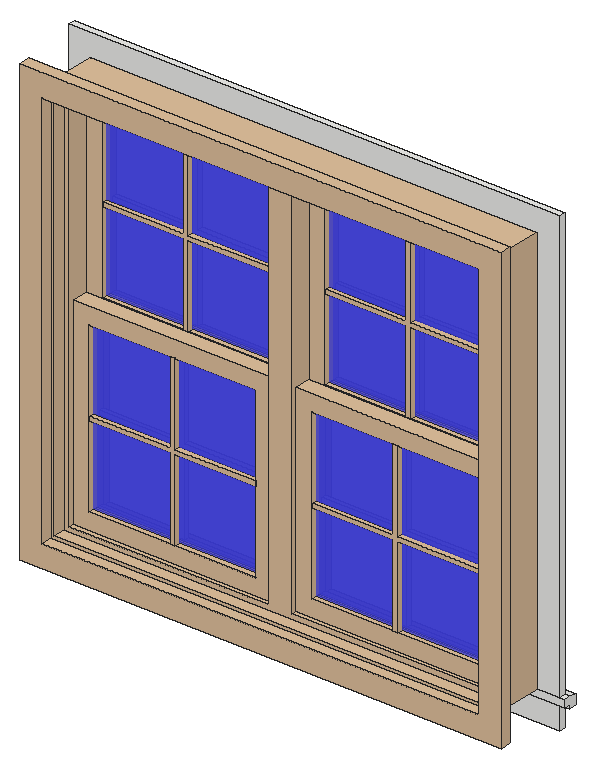
Revit family "M_Janela-dupla-suspensa-dupla", category Janelas, Revit 2019
Family settings
  Hospedeiro = Parede
  Número OmniClass = 23.30.20.17.17.14
  Título OmniClass = Double-Hung Windows
  Sempre na vertical = Sim
  Corte com vazios quando carregada = Não
  Compartilhado = Não
  Ponto de cálculo do ambiente = Não
Parameters (values of type "1200 x 1100mm")
  Espessura da parede [instance] = 150 mm
  Janela aplicada [instance] = 0 mm
  Visual Light Transmittance = 0.81
  Visibilidade do montante superior = yes
  Resistência térmica (R) = 0.319569 (m²·K)/W
  Solar Heat Gain Coefficient = 0.76
  Largura do montante = 0.5 * (Largura - 152.4 mm - 149.225 mm)  # 449.188 mm
  Padrão do montante = M_Padrão do montante_2x2 : M_Padrão do montante_2x2
  Altura do montante = 0.5 * (Altura - 152.4 mm - 44.45 mm)  # 451.575 mm
  Fechamento da parede interior [instance] = 35.7 mm
  Material da apara interior = Madeira – Manchada
  Recorte interior = M_Moldura-janela-interior-plana : Quadro
  Largura bruta = Largura + 15 mm  # 1215 mm
  Altura bruta = Altura + 15 mm  # 1115 mm
  Visibilidade do indicador [instance] = yes
  Extensão do quadro [instance] = if(Visibilidade da apara externa, Janela aplicada + 31.75 mm, 31.75 mm)  # 31.75 mm
  Classificação de incêndio = "0.5h"
  Fechamento da parede externa [instance] = 12.7 mm
  Material da apara externa = Revestimento – Branco
  Visibilidade do umbral da extensão [instance] = and(Visibilidade do recorte interior, Espessura da parede - Janela aplicada > 114.3 mm)  # yes
  Visibilidade do recorte interior [instance] = yes
  Visibilidade da apara externa [instance] = yes
  Apara externa = M_Recorte-Janela-Exterior-Plana : com peitoril
  Umbral da extensão [instance] = if(Espessura da parede - Janela aplicada > 114.3 mm, Espessura da parede - Janela aplicada - 114.3 mm, 25.4 mm)  # 35.7 mm
  ID do tipo de construção = "DG-DR"
  Coeficiente de transferência de calor (U) = 3.12929 W/(m²·K)
  Visibilidade do montante inferior = yes
  Código de montagem = "B2020100"
  Material do painel de vidro = Vidro
  Altura = 1100 mm
  Material da moldura exterior = Revestimento – Branco
  Material da moldura interior = Madeira – Manchada
  Fechamento da parede = Por hospedeiro
  Largura = 1200 mm
  Construção analítica = "Vidraça dupla – residencial"
Reference planes
  plane 1 "Centro (Frente/Trás)": y = 0
  plane 2: z = 0
  plane 3 "Centro": x = 0
  plane 4 "Esquerda": x = -600
  plane 5 "Direita": x = 600
  plane 6 "Peitoril": z = 914.4
  plane 7 "Superior": z = 2014.4
  plane 8 "Face da parede": y = 75
  plane 9: y = -75
  plane 10 "Meio": z = 1464.4
  plane 11: z = 1982.65
  plane 12: z = 946.15
  plane 13: x = 568.25
  plane 14: x = -568.25
  plane 15: x = 523.8
  plane 16: x = -523.8
  plane 17: z = 990.6
  plane 18: z = 1938.2
  plane 19 "Fechamento da parede": y = -39.3
  plane 20: z = 1998.525
  plane 21 "Face do quadro": y = 94.05
  plane 22 "Caixilho 2": y = -26.6
  plane 23 "Face do caixilho 1": y = 62.3
  plane 24 "Inset Face": y = 75
  plane 25 "Caixilho 1": y = 17.85
  plane 26 "Vidro 1": y = 40.075
  plane 27: z = 1486.625
  plane 28: z = 1442.175
  plane 29 "Vidro 2": y = -4.375
  plane 30: y = -39.3
  plane 31: x = -30.163
  plane 32: x = 30.162
  plane 33: x = 299.206
  plane 34: x = -299.206
  plane 35: z = 1712.412
  plane 36: z = 1216.387
  plane 37: x = -74.613
  plane 38: x = 74.612
  plane 39: y = -39.3
  plane 40: y = 62.3
  plane 41: y = 94.05
Forms (mm)
  Extrusion 1, solid, material "Madeira – Manchada" <- "Material da moldura interior", visible <- "Visibilidade do umbral da extensão"
    sketch origin (0, -6.35, 0) x (-1, 0, 0) y (0, 0, 1)
      loop
        line (600, 2014.4) -> (-600, 2014.4) -> (-600, 914.4) -> (600, 914.4) -> (600, 2014.4)
      loop
        line (580.95, 1995.35) -> (-580.95, 1995.35) -> (-580.95, 933.45) -> (580.95, 933.45) -> (580.95, 1995.35)
    from -68.65 to -32.95
  Sweep 2, solid, material "Madeira – Manchada" <- "Material da moldura interior"
    path origin (0, 62.3, 0) x (-1, 0, 0) y (0, 0, 1)
      loop
        line (-600, 914.4) -> (600, 914.4) -> (600, 2014.4) -> (-600, 2014.4) -> (-600, 914.4)
    profile origin (600, 62.3, 1464.4) x (1, 0, 0) y (0, 1, 0)
      loop
        line (-31.75, 31.75) -> (-31.75, -101.6) -> (0, -101.6) -> (0, 31.75) -> (-31.75, 31.75)
  Sweep 3, solid, material "Madeira – Manchada" <- "Material da moldura interior"
    path origin (0, 62.3, 0) x (-1, 0, 0) y (0, 0, 1)
      loop
        line (-568.25, 1442.175) -> (-30.162, 1442.175) -> (-30.162, 1982.65) -> (-568.25, 1982.65) -> (-568.25, 1442.175)
    profile origin (568.25, 62.3, 1712.412) x (1, 0, 0) y (0, 1, 0)
      loop
        line (0, 0) -> (-44.45, 0) -> (-44.45, -44.45) -> (0, -44.45) -> (0, 0)
  Sweep 4, solid, material "Madeira – Manchada" <- "Material da moldura interior"
    path origin (0, 17.85, 0) x (-1, 0, 0) y (0, 0, 1)
      loop
        line (-568.25, 946.15) -> (-30.162, 946.15) -> (-30.162, 1486.625) -> (-568.25, 1486.625) -> (-568.25, 946.15)
    profile origin (568.25, 17.85, 1216.387) x (1, 0, 0) y (0, 1, 0)
      loop
        line (0, 0) -> (-44.45, 0) -> (-44.45, -44.45) -> (0, -44.45) -> (0, 0)
  Extrusion 5, solid, material "Vidro" <- "Material do painel de vidro"
    sketch origin (0, 0, 914.4) x (0, -1, 0) y (1, 0, 0)
      loop
        line (-49.6, 74.612) -> (-43.25, 74.612) -> (-43.25, 523.8) -> (-49.6, 523.8) -> (-49.6, 74.612)
      loop
        line (-36.9, 523.8) -> (-36.9, 74.612) -> (-30.55, 74.612) -> (-30.55, 523.8) -> (-36.9, 523.8)
    from 572.225 to 1023.8
  Extrusion 6, solid, material "Vidro" <- "Material do painel de vidro"
    sketch origin (0, 0, 0) x (1, 0, 0) y (0, 1, 0)
      loop
        line (74.612, 5.15) -> (74.612, -1.2) -> (523.8, -1.2) -> (523.8, 5.15) -> (74.612, 5.15)
      loop
        line (523.8, -7.55) -> (74.612, -7.55) -> (74.612, -13.9) -> (523.8, -13.9) -> (523.8, -7.55)
    from 990.6 to 1442.175
  Extrusion 7, solid, material "Madeira – Manchada" <- "Material da moldura interior"
    sketch origin (0, 0, 0) x (1, 0, 0) y (0, 1, 0)
      loop
        line (-30.163, 94.05) -> (-30.163, -39.3) -> (30.162, -39.3) -> (30.162, 94.05) -> (-30.163, 94.05)
    from 946.15 to 1982.65
  Sweep 8, solid, material "Madeira – Manchada" <- "Material da moldura interior"
    path origin (0, 62.3, 0) x (1, 0, 0) y (0, 0, 1)
      loop
        line (-568.25, 1442.175) -> (-30.162, 1442.175) -> (-30.162, 1982.65) -> (-568.25, 1982.65) -> (-568.25, 1442.175)
    profile origin (-568.25, 62.3, 1712.412) x (1, 0, 0) y (0, 1, 0)
      loop
        line (0, 0) -> (0, -44.45) -> (44.45, -44.45) -> (44.45, 0) -> (0, 0)
  Sweep 9, solid, material "Madeira – Manchada" <- "Material da moldura interior"
    path origin (0, 17.85, 0) x (1, 0, 0) y (0, 0, 1)
      loop
        line (-568.25, 946.15) -> (-30.162, 946.15) -> (-30.162, 1486.625) -> (-568.25, 1486.625) -> (-568.25, 946.15)
    profile origin (-568.25, 17.85, 1216.387) x (1, 0, 0) y (0, 1, 0)
      loop
        line (0, 0) -> (0, -44.45) -> (44.45, -44.45) -> (44.45, 0) -> (0, 0)
  Extrusion 10, solid, material "Vidro" <- "Material do painel de vidro"
    sketch origin (0, 0, 914.4) x (0, -1, 0) y (1, 0, 0)
      loop
        line (-49.6, -74.612) -> (-49.6, -523.8) -> (-43.25, -523.8) -> (-43.25, -74.612) -> (-49.6, -74.612)
      loop
        line (-36.9, -523.8) -> (-30.55, -523.8) -> (-30.55, -74.612) -> (-36.9, -74.612) -> (-36.9, -523.8)
    from 572.225 to 1023.8
  Extrusion 11, solid, material "Vidro" <- "Material do painel de vidro"
    sketch origin (0, 0, 0) x (-1, 0, 0) y (0, -1, 0)
      loop
        line (74.612, -5.15) -> (523.8, -5.15) -> (523.8, 1.2) -> (74.612, 1.2) -> (74.612, -5.15)
      loop
        line (523.8, 7.55) -> (523.8, 13.9) -> (74.612, 13.9) -> (74.612, 7.55) -> (523.8, 7.55)
    from 990.6 to 1442.175
Cuts and joins
  joined: Sweep 2, Extrusion 7
Lines and regions (mm)
  Opening 1
    outline origin (-1524, -75, 0) x (1, 0, 0) y (0, 0, 1)
      loop
        line (2124, 2014.4) -> (924, 2014.4) -> (924, 914.4) -> (2124, 914.4) -> (2124, 2014.4)
  Split face 1
    outline origin (74.612, -26.6, 990.6) x (1, 0, 0) y (0, 1, 0)
      loop
        line (0, 25.4) -> (449.187, 25.4)
  Split face 2
    outline origin (523.8, -26.6, 990.6) x (0, 0, 1) y (0, 1, 0)
      loop
        line (0, 25.4) -> (451.575, 25.4)
  Split face 3
    outline origin (74.612, -26.6, 1442.175) x (0, 0, -1) y (0, 1, 0)
      loop
        line (451.575, 25.4) -> (0, 25.4)
  Split face 4
    outline origin (523.8, -26.6, 1442.175) x (0, 1, 0) y (-1, 0, 0)
      loop
        line (25.4, 0) -> (25.4, 449.187)
  Split face 5
    outline origin (74.612, 17.85, 1486.625) x (1, 0, 0) y (0, 1, 0)
      loop
        line (449.187, 19.05) -> (0, 19.05)
  Split face 6
    outline origin (74.612, 17.85, 1486.625) x (1, 0, 0) y (0, 1, 0)
      loop
        line (449.187, 25.4) -> (0, 25.4)
  Split face 7
    outline origin (523.8, 17.85, 1486.625) x (0, 0, 1) y (0, 1, 0)
      loop
        line (0, 25.4) -> (451.575, 25.4)
  Split face 8
    outline origin (74.612, 17.85, 1938.2) x (0, 0, -1) y (0, 1, 0)
      loop
        line (451.575, 25.4) -> (0, 25.4)
  Split face 9
    outline origin (523.8, 17.85, 1938.2) x (0, 1, 0) y (-1, 0, 0)
      loop
        line (25.4, 0) -> (25.4, 449.187)
  Split face 10
    outline origin (-74.613, 17.85, 990.6) x (-1, 0, 0) y (0, -1, 0)
      loop
        line (0, 19.05) -> (449.188, 19.05)
  Split face 11
    outline origin (-523.8, 17.85, 990.6) x (0, 0, 1) y (0, -1, 0)
      loop
        line (0, 19.05) -> (451.575, 19.05)
  Split face 12
    outline origin (-74.613, 17.85, 1442.175) x (0, 0, -1) y (0, -1, 0)
      loop
        line (451.575, 19.05) -> (0, 19.05)
  Split face 13
    outline origin (-523.8, 17.85, 1442.175) x (0, -1, 0) y (1, 0, 0)
      loop
        line (19.05, 0) -> (19.05, 449.188)
  Split face 14
    outline origin (-74.613, 62.3, 1486.625) x (-1, 0, 0) y (0, -1, 0)
      loop
        line (449.188, 25.4) -> (0, 25.4)
  Split face 15
    outline origin (-74.613, 62.3, 1486.625) x (-1, 0, 0) y (0, -1, 0)
      loop
        line (449.188, 19.05) -> (0, 19.05)
  Split face 16
    outline origin (-523.8, 62.3, 1486.625) x (0, 0, 1) y (0, -1, 0)
      loop
        line (0, 19.05) -> (451.575, 19.05)
  Split face 17
    outline origin (-74.613, 62.3, 1938.2) x (0, 0, -1) y (0, -1, 0)
      loop
        line (451.575, 19.05) -> (0, 19.05)
  Split face 18
    outline origin (-523.8, 62.3, 1938.2) x (0, -1, 0) y (1, 0, 0)
      loop
        line (19.05, 0) -> (19.05, 449.188)
  Split face 19
    outline origin (568.25, -39.3, 946.15) x (0, 0, 1) y (0, 1, 0)
      loop
        line (1036.5, 101.6) -> (496.025, 101.6) -> (496.025, 57.15) -> (0, 57.15)
  Split face 20
    outline origin (-30.163, 94.05, 1982.65) x (0, 0, -1) y (0, -1, 0)
      loop
        line (0, 31.75) -> (540.475, 31.75) -> (540.475, 76.2) -> (1036.5, 76.2)
  Split face 21
    outline origin (30.162, -39.3, 1982.65) x (0, 0, -1) y (0, 1, 0)
      loop
        line (0, 101.6) -> (540.475, 101.6) -> (540.475, 57.15) -> (1036.5, 57.15)
  Split face 22
    outline origin (-568.25, -39.3, 1982.65) x (0, 0, -1) y (0, 1, 0)
      loop
        line (0, 101.6) -> (540.475, 101.6) -> (540.475, 57.15) -> (1036.5, 57.15)
  Split face 23
    outline origin (-568.25, -39.3, 946.15) x (1, 0, 0) y (0, 1, 0)
      loop
        line (1136.5, 57.15) -> (598.412, 57.15)
      loop
        line (0, 57.15) -> (538.087, 57.15)
  Split face 24
    outline origin (568.25, -39.3, 1982.65) x (0, 1, 0) y (-1, 0, 0)
      loop
        line (101.6, 0) -> (101.6, 538.087)
      loop
        line (101.6, 598.412) -> (101.6, 1136.5)
Text (mm)
  text "EXTERIOR" at (-1490.695, 772.553, 0), in view "Nível de referência"
  text "INTERIOR" at (-1490.695, -719.509, 0), in view "Nível de referência"
  text "Exterior" at (0, 1108.87, 3415.022), in view "Esquerda"
  text "Exterior" at (0, 464.664, 3176.206), in view "Direita"
Dimensions and locks
  equal spacing: plane 4 "Esquerda", plane 3 "Centro", plane 5 "Direita"
  "Largura": plane 4 "Esquerda" to plane 5 "Direita"
  equal spacing: plane 6 "Peitoril", plane 10 "Meio", plane 7 "Superior"
  "Altura": plane 7 "Superior" to plane 6 "Peitoril"
  locked: plane 5 "Direita" to plane 13 at 31.75
  locked: plane 14 to plane 4 "Esquerda" at 31.75
  locked: plane 11 to plane 7 "Superior" at 31.75
  locked: plane 6 "Peitoril" to plane 12 at 31.75
  locked: plane 15 to plane 13 at 44.45
  locked: plane 14 to plane 16 at 44.45
  locked: plane 18 to plane 11 at 44.45
  locked: plane 12 to plane 17 at 44.45
  "Espessura da parede": host wall to host wall
  locked: plane 7 "Superior" to plane 20 at 15.875
  locked: plane 21 "Face do quadro" to plane 8 "Face da parede" at 19.05
  locked: plane 23 "Face do caixilho 1" to plane 25 "Caixilho 1" at 44.45
  locked: plane 25 "Caixilho 1" to plane 22 "Caixilho 2" at 44.45
  equal spacing: plane 23 "Face do caixilho 1", plane 26 "Vidro 1", plane 25 "Caixilho 1"
  equal spacing: plane 28, plane 10 "Meio", plane 27
  locked: plane 28 to plane 27 at 44.45
  locked: Extrusion 5 sketch curve to Extrusion 5 sketch curve at 6.35  (x3)
  equal spacing: Extrusion 5 sketch curve, plane 26 "Vidro 1", Extrusion 5 sketch curve
  equal spacing: plane 25 "Caixilho 1", plane 29 "Vidro 2", plane 22 "Caixilho 2"
  locked: Extrusion 6 sketch curve to Extrusion 6 sketch curve at 6.35  (x3)
  equal spacing: Extrusion 6 sketch curve, plane 29 "Vidro 2", Extrusion 6 sketch curve
  locked: plane 22 "Caixilho 2" to plane 30 at 12.7
  "Umbral da extensão": plane 19 "Fechamento da parede" to host wall
  equal spacing: plane 31, plane 3 "Centro", plane 32
  locked: plane 31 to plane 32 at 60.325
  locked: Extrusion 10 sketch curve to Extrusion 10 sketch curve at 6.35  (x2)
  Extrusion 10 sketch curve to Extrusion 10 sketch curve = 6.35 mm
  locked: Extrusion 11 sketch curve to Extrusion 11 sketch curve at 6.35  (x3)
  Extrusion 11 sketch curve to Extrusion 11 sketch curve = 6.35 mm
  equal spacing: Extrusion 10 sketch curve, plane 26 "Vidro 1", Extrusion 10 sketch curve
  equal spacing: Extrusion 11 sketch curve, plane 29 "Vidro 2", Split face 13
  locked: Extrusion 1 sketch curve to plane 7 "Superior" at 19.05
  locked: Extrusion 1 sketch curve to plane 5 "Direita" at 19.05
  locked: plane 6 "Peitoril" to Extrusion 1 sketch curve at 19.05
  locked: plane 4 "Esquerda" to Extrusion 1 sketch curve at 19.05
  "Janela aplicada": plane 8 "Face da parede" to plane 24 "Inset Face"
  locked: plane 24 "Inset Face" to plane 23 "Face do caixilho 1" at 12.7
  equal spacing: plane 13, plane 33, plane 32
  equal spacing: plane 31, plane 34, plane 14
  equal spacing: plane 17, plane 36, plane 28
  equal spacing: plane 27, plane 35, plane 18
  locked: plane 31 to plane 37 at 44.45
  locked: plane 38 to plane 32 at 44.45
  "Fechamento da parede interior": plane 39 to plane 9
  "Fechamento da parede externa": plane 8 "Face da parede" to plane 40
  "Extensão do quadro": plane 41 to plane 23 "Face do caixilho 1"
  aligned and locked: plane 9 to host wall
  aligned and locked: host wall to plane 8 "Face da parede"
  aligned and locked: Opening 1 sketch curve to plane 4 "Esquerda"
  aligned and locked: Opening 1 sketch curve to plane 7 "Superior"
  aligned and locked: plane 5 "Direita" to Opening 1 sketch curve
  aligned and locked: Opening 1 sketch curve to plane 6 "Peitoril"
  aligned and locked: Extrusion 1 sketch curve to plane 7 "Superior"
  aligned and locked: Extrusion 1 sketch curve to plane 4 "Esquerda"
  aligned and locked: plane 5 "Direita" to Extrusion 1 sketch curve
  aligned and locked: Extrusion 1 sketch curve to plane 6 "Peitoril"
  aligned and locked: Extrusion 1 to plane 19 "Fechamento da parede"
  aligned and locked: Sweep 2 sketch curve to host wall  (x3)
  aligned and locked: plane 5 "Direita" to Sweep 2 sketch curve
  aligned and locked: plane 13 to Sweep 2 sketch curve
  aligned and locked: Sweep 3 sketch curve to plane 13
  aligned and locked: Sweep 3 sketch curve to plane 11
  aligned and locked: Sweep 3 sketch curve to plane 25 "Caixilho 1"
  aligned and locked: plane 28 to Sweep 3 sketch curve
  aligned and locked: Sweep 4 sketch curve to plane 27
  aligned and locked: Sweep 4 sketch curve to plane 13
  aligned and locked: plane 12 to Sweep 4 sketch curve
  aligned and locked: profile plane to Sweep 4 sketch curve
  aligned and locked: Sweep 4 sketch curve to profile plane
  aligned and locked: Sweep 4 sketch curve to plane 22 "Caixilho 2"
  aligned and locked: plane 15 to Sweep 4 sketch curve
  aligned and locked: plane 18 to Extrusion 5
  aligned and locked: plane 15 to Extrusion 6 sketch curve
  aligned and locked: Extrusion 6 sketch curve to plane 15
  aligned and locked: plane 17 to Extrusion 6
  aligned and locked: plane 28 to Extrusion 6
  aligned and locked: Extrusion 6 to Split face 1 sketch curve
  aligned and locked: Split face 2 sketch curve to Extrusion 6
  aligned and locked: Split face 3 sketch curve to Extrusion 6
  aligned and locked: Split face 4 sketch curve to Extrusion 6
  aligned and locked: plane 15 to Sweep 3 sketch curve
  aligned and locked: Extrusion 5 to plane 27
  aligned and locked: plane 15 to Extrusion 5 sketch curve
  aligned and locked: Extrusion 5 sketch curve to plane 15
  aligned and locked: Split face 6 sketch curve to Extrusion 5
  aligned and locked: Split face 7 sketch curve to Extrusion 5
  aligned and locked: Split face 8 sketch curve to Extrusion 5
  aligned and locked: Split face 9 sketch curve to Extrusion 5
  aligned and locked: Sweep 2 sketch curve to plane 30
  aligned and locked: Extrusion 1 to plane 9
  aligned and locked: nested 1 to plane 26 "Vidro 1"
  aligned and locked: nested 2 to plane 29 "Vidro 2"
  aligned and locked: nested 3 to plane 8 "Face da parede"
  aligned and locked: nested 3 to plane 4 "Esquerda"
  aligned and locked: nested 3 to plane 5 "Direita"
  aligned and locked: Extrusion 7 sketch curve to plane 31
  aligned and locked: plane 32 to Extrusion 7 sketch curve
  aligned and locked: plane 32 to Sweep 3 sketch curve
  aligned and locked: plane 32 to Sweep 4 sketch curve
  aligned and locked: Sweep 9 sketch curve to profile plane
  aligned and locked: Sweep 8 sketch curve to plane 28
  aligned and locked: plane 31 to Sweep 8 sketch curve
  aligned and locked: plane 11 to Sweep 8 sketch curve
  aligned and locked: Sweep 8 sketch curve to plane 14
  aligned and locked: plane 16 to Sweep 8 sketch curve
  aligned and locked: plane 14 to Sweep 8 sketch curve
  aligned and locked: Sweep 8 sketch curve to plane 23 "Face do caixilho 1"
  aligned and locked: plane 25 "Caixilho 1" to Sweep 8 sketch curve
  aligned and locked: plane 31 to Sweep 9 sketch curve
  aligned and locked: Sweep 9 sketch curve to plane 14
  aligned and locked: Sweep 9 sketch curve to plane 12
  aligned and locked: plane 27 to Sweep 9 sketch curve
  aligned and locked: plane 16 to Sweep 9 sketch curve
  aligned and locked: Sweep 9 sketch curve to Sweep 8
  aligned and locked: plane 22 "Caixilho 2" to Sweep 9 sketch curve
  aligned and locked: plane 16 to Extrusion 10 sketch curve
  aligned and locked: Extrusion 10 sketch curve to plane 16
  aligned and locked: plane 16 to Extrusion 11 sketch curve
  aligned and locked: Extrusion 11 sketch curve to plane 16
  aligned and locked: plane 26 "Vidro 1" to nested 4
  aligned and locked: plane 29 "Vidro 2" to nested 5
  aligned and locked: Extrusion 10 to plane 18
  aligned and locked: Extrusion 10 to plane 27
  aligned and locked: plane 17 to Extrusion 11
  aligned and locked: plane 28 to Extrusion 11
  aligned and locked: Extrusion 7 sketch curve to plane 30
  aligned and locked: Extrusion 10 sketch curve to Sweep 8
  aligned and locked: Sweep 8 to Extrusion 10 sketch curve
  aligned and locked: Sweep 3 to Extrusion 5 sketch curve
  aligned and locked: Extrusion 5 sketch curve to Sweep 3
  aligned and locked: Sweep 4 to Extrusion 6 sketch curve
  aligned and locked: Extrusion 6 sketch curve to Sweep 4
  aligned and locked: Extrusion 11 sketch curve to Sweep 9
  aligned and locked: Sweep 9 to Extrusion 11 sketch curve
  aligned and locked: plane 11 to cut or joined group of Sweep 2, Extrusion 7
  aligned and locked: cut or joined group of Sweep 2, Extrusion 7 to plane 12
  aligned and locked: plane 23 "Face do caixilho 1" to Split face 19 sketch curve
  aligned and locked: Split face 19 sketch curve to plane 28
  aligned and locked: plane 25 "Caixilho 1" to Split face 19 sketch curve
  aligned and locked: plane 25 "Caixilho 1" to Split face 20 sketch curve
  aligned and locked: Split face 20 sketch curve to plane 28
  aligned and locked: plane 23 "Face do caixilho 1" to Split face 20 sketch curve
  aligned and locked: Split face 21 sketch curve to plane 25 "Caixilho 1"
  aligned and locked: plane 28 to Split face 21 sketch curve
  aligned and locked: Split face 21 sketch curve to plane 23 "Face do caixilho 1"
  aligned and locked: Split face 22 sketch curve to plane 25 "Caixilho 1"
  aligned and locked: plane 28 to Split face 22 sketch curve
  aligned and locked: Split face 22 sketch curve to plane 23 "Face do caixilho 1"
  aligned and locked: Split face 23 sketch curve to plane 25 "Caixilho 1"  (x2)
  aligned and locked: plane 23 "Face do caixilho 1" to Split face 24 sketch curve
  aligned and locked: Split face 24 sketch curve to plane 23 "Face do caixilho 1"
  aligned and locked: plane 33 to nested 6
  aligned and locked: plane 36 to nested 6
  aligned and locked: plane 34 to nested 7
  aligned and locked: plane 36 to nested 7
  aligned and locked: plane 33 to nested 8
  aligned and locked: plane 34 to nested 9
  aligned and locked: nested 8 to plane 35
  aligned and locked: nested 9 to plane 35
  aligned and locked: nested 3 to plane 7 "Superior"
  aligned and locked: nested 4 to plane 27
  aligned and locked: plane 27 to nested 1
  aligned and locked: plane 17 to nested 5
  aligned and locked: nested 2 to plane 17
  aligned and locked: nested 5 to plane 28
  aligned and locked: plane 28 to nested 2
  aligned and locked: nested 5 to plane 16
  aligned and locked: plane 37 to nested 5
  aligned and locked: nested 2 to plane 15
  aligned and locked: plane 38 to nested 2
  aligned and locked: nested 4 to plane 18
  aligned and locked: plane 18 to nested 1
  aligned and locked: plane 37 to nested 4
  aligned and locked: nested 4 to plane 16
  aligned and locked: plane 38 to nested 1
  aligned and locked: nested 1 to plane 15
  aligned and locked: nested 11 to plane 7 "Superior"
  aligned and locked: plane 3 "Centro" to nested 11
  aligned and locked: nested 10 to plane 7 "Superior"
  aligned and locked: nested 10 to plane 3 "Centro"
  aligned and locked: Sweep 2 sketch curve to plane 41
  aligned and locked: plane 41 to Extrusion 7 sketch curve
Automatic sketch dimensions
  Sweep 3 sketch curve to profile plane = 0 mm
  plane 23 "Face do caixilho 1" to Sweep 3 sketch curve = 0 mm
  Split face 1 sketch curve to Sweep 4 = 0 mm  (x2)
  Split face 2 sketch curve to Sweep 4 = 0 mm
  Sweep 4 to Split face 2 sketch curve = 0 mm
  Sweep 4 to Split face 3 sketch curve = 0 mm
  Split face 3 sketch curve to Sweep 4 = 0 mm
  Split face 4 sketch curve to Sweep 4 = 0 mm  (x2)
  Split face 5 sketch curve to Sweep 3 = 0 mm  (x2)
  Split face 5 sketch curve to Sweep 3 = 19.05 mm
  Split face 6 sketch curve to Sweep 3 = 0 mm  (x2)
  Split face 7 sketch curve to Sweep 3 = 0 mm
  Sweep 3 to Split face 7 sketch curve = 0 mm
  Sweep 3 to Split face 8 sketch curve = 0 mm
  Split face 8 sketch curve to Sweep 3 = 0 mm
  Split face 9 sketch curve to Sweep 3 = 0 mm  (x2)
  Split face 10 sketch curve to Sweep 9 = 0 mm  (x2)
  Split face 10 sketch curve to Sweep 9 = 19.05 mm
  Split face 11 sketch curve to Sweep 9 = 0 mm
  Sweep 9 to Split face 11 sketch curve = 0 mm
  Split face 11 sketch curve to Sweep 9 = 19.05 mm
  Sweep 9 to Split face 12 sketch curve = 0 mm
  Split face 12 sketch curve to Sweep 9 = 0 mm
  Split face 12 sketch curve to Sweep 9 = 19.05 mm
  Split face 13 sketch curve to Sweep 9 = 0 mm  (x2)
  Split face 13 sketch curve to Sweep 9 = 19.05 mm
  Split face 14 sketch curve to Sweep 8 = 0 mm  (x2)
  Split face 14 sketch curve to Sweep 8 = 19.05 mm
  Split face 15 sketch curve to Sweep 8 = 0 mm  (x2)
  Split face 15 sketch curve to Sweep 8 = 19.05 mm
  Split face 16 sketch curve to Sweep 8 = 0 mm
  Sweep 8 to Split face 16 sketch curve = 0 mm
  Split face 16 sketch curve to Sweep 8 = 19.05 mm
  Sweep 8 to Split face 17 sketch curve = 0 mm
  Split face 17 sketch curve to Sweep 8 = 0 mm
  Split face 17 sketch curve to Sweep 8 = 19.05 mm
  Split face 18 sketch curve to Sweep 8 = 0 mm  (x2)
  Split face 18 sketch curve to Sweep 8 = 19.05 mm
  Extrusion 10 sketch curve to plane 26 "Vidro 1" = 3.175 mm
  Split face 19 sketch curve to cut or joined group of Sweep 2, Extrusion 7 = 0 mm
  cut or joined group of Sweep 2, Extrusion 7 to Split face 19 sketch curve = 0 mm
  cut or joined group of Sweep 2, Extrusion 7 to Split face 20 sketch curve = 0 mm
  Split face 20 sketch curve to cut or joined group of Sweep 2, Extrusion 7 = 0 mm
  cut or joined group of Sweep 2, Extrusion 7 to Split face 21 sketch curve = 0 mm
  Split face 21 sketch curve to cut or joined group of Sweep 2, Extrusion 7 = 0 mm
  cut or joined group of Sweep 2, Extrusion 7 to Split face 22 sketch curve = 0 mm
  Split face 22 sketch curve to cut or joined group of Sweep 2, Extrusion 7 = 0 mm
  Split face 23 sketch curve to cut or joined group of Sweep 2, Extrusion 7 = 0 mm  (x4)
  Split face 24 sketch curve to cut or joined group of Sweep 2, Extrusion 7 = 0 mm  (x4)
  Sweep 2 sketch curve to plane 7 "Superior" = 0 mm
Nested families
  nested 1: "M_Padrão do montante_2x2" at (299.206, 40.075, 1486.625), Material externo <- "Material da moldura exterior", Material interior <- "Material da moldura interior", type <- "Padrão do montante", visible <- "Visibilidade do montante superior", type "M_Padrão do montante_2x2"
    with Largura 449.187 mm, Material interior Madeira – Manchada, Altura 451.575 mm, Material externo Revestimento – Branco
  nested 2: "M_Padrão do montante_2x2" at (299.206, -4.375, 990.6), Material externo <- "Material da moldura exterior", Material interior <- "Material da moldura interior", type <- "Padrão do montante", visible <- "Visibilidade do montante inferior", type "M_Padrão do montante_2x2"
    with Largura 449.187 mm, Material interior Madeira – Manchada, Altura 451.575 mm, Material externo Revestimento – Branco
  nested 3: "M_Plano-duplo-suspenso-duplo" at (0, 75, 914.4), Janela aplicada <- "Janela aplicada", Largura <- "Largura", Altura <- "Altura", Espessura da parede <- "Espessura da parede", type "M_Plano-duplo-suspenso-duplo"
    with Janela aplicada de 3D 0 mm, Janela aplicada 0 mm, Largura 1200 mm, Espessura da parede 150 mm, Altura 1100 mm
  nested 4: "M_Padrão do montante_2x2" at (-299.206, 40.075, 1486.625) x (-1, 0, 0) z (0, 0, 1), Material externo <- "Material da moldura exterior", Material interior <- "Material da moldura interior", type <- "Padrão do montante", visible <- "Visibilidade do montante superior", type "M_Padrão do montante_2x2"
    with Largura 449.188 mm, Material interior Madeira – Manchada, Altura 451.575 mm, Material externo Revestimento – Branco
  nested 5: "M_Padrão do montante_2x2" at (-299.206, -4.375, 990.6) x (-1, 0, 0) z (0, 0, 1), Material externo <- "Material da moldura exterior", Material interior <- "Material da moldura interior", type <- "Padrão do montante", visible <- "Visibilidade do montante inferior", type "M_Padrão do montante_2x2"
    with Largura 449.188 mm, Material interior Madeira – Manchada, Altura 451.575 mm, Material externo Revestimento – Branco
  nested 6: "M_Seta preenchida" at (299.206, 17.85, 1216.387) x (0, 0, 1) z (0, 1, 0), visible <- "Visibilidade do indicador", type "M_Seta preenchida"
  nested 7: "M_Seta preenchida" at (-299.206, 17.85, 1216.387) x (0, 0, 1) z (0, 1, 0), visible <- "Visibilidade do indicador", type "M_Seta preenchida"
  nested 8: "M_Seta preenchida" at (299.206, 17.85, 1712.412) x (0, 0, -1) z (0, 1, 0), visible <- "Visibilidade do indicador", type "M_Seta preenchida"
  nested 9: "M_Seta preenchida" at (-299.206, 17.85, 1712.412) x (0, 0, -1) z (0, 1, 0), visible <- "Visibilidade do indicador", type "M_Seta preenchida"
  nested 10: "M_Recorte-Janela-Exterior-Plana" at (0, 75, 2014.4) x (-1, 0, 0) z (0, 1, 0), visible <- "Visibilidade da apara externa", Material da apara <- "Material da apara externa", Largura da abertura <- "Largura", Altura da abertura <- "Altura", type <- "Apara externa", type "com peitoril"
    with Material da apara Revestimento – Branco, Largura da abertura 1200 mm, Altura da abertura 1100 mm
  nested 11: "M_Moldura-janela-interior-plana" at (0, -75, 2014.4) x (1, 0, 0) z (0, -1, 0), visible <- "Visibilidade do recorte interior", Material da apara <- "Material da apara interior", Largura da abertura <- "Largura", Altura da abertura <- "Altura", type <- "Recorte interior", type "Quadro"
    with Material da apara Madeira – Manchada, Largura da abertura 1200 mm, Altura da abertura 1100 mm
Definition of nested family "M_Padrão do montante_2x2"
  Parameters (values of type "M_Padrão do montante_2x2")
    Largura [instance] = 1200 mm
    Espessura = 12.7 mm
    Altura [instance] = 1200 mm
    Material interior [instance] = none
    Material externo [instance] = none
    Distância = 19.05 mm
  Reference planes
    plane 1 "Centro (Frente/Trás)": y = 0
    plane 2: z = 0
    plane 3 "Centro (Esquerda/Direita)": x = 0
    plane 4: z = 1200
    plane 5: x = -600
    plane 6: x = 600
    plane 7: z = 600
    plane 8: y = 9.525
    plane 9: y = 22.225
    plane 10: y = -9.525
    plane 11: y = -22.225
  Forms (mm)
    Extrusion 1, solid, material <- "Material interior", detail levels fine
      sketch origin (0, 0, 0) x (1, 0, 0) y (0, 0, 1)
        loop
          line (-600, 606.35) -> (-600, 593.65) -> (-6.35, 593.65) -> (-6.35, 0) -> (6.35, 0) -> (6.35, 593.65) -> (600, 593.65) -> (600, 606.35) -> (6.35, 606.35) -> (6.35, 1200) -> (-6.35, 1200) -> (-6.35, 606.35) -> (-600, 606.35)
      from 9.525 to 22.225
    Extrusion 2, solid, material <- "Material externo", detail levels fine
      sketch origin (0, 0, 0) x (1, 0, 0) y (0, 0, -1)
        loop
          line (-600, -606.35) -> (-6.35, -606.35) -> (-6.35, -1200) -> (6.35, -1200) -> (6.35, -606.35) -> (600, -606.35) -> (600, -593.65) -> (6.35, -593.65) -> (6.35, 0) -> (-6.35, 0) -> (-6.35, -593.65) -> (-600, -593.65) -> (-600, -606.35)
      from 9.525 to 22.225
  Lines and regions (mm)
    model lines, detail levels medium
      curve 1: line (0, 9.525, 1200) -> (0, 9.525, 0)
      curve 2: line (-600, -9.525, 600) -> (600, -9.525, 600)
      curve 3: line (-600, 9.525, 600) -> (600, 9.525, 600)
      curve 4: line (0, -9.525, 1200) -> (0, -9.525, 0)
  Dimensions and locks
    equal spacing: plane 6, plane 3 "Centro (Esquerda/Direita)", plane 5
    "Largura": plane 6 to plane 5
    "Altura": plane 4 to plane 2
    equal spacing: plane 4, plane 7, plane 2
    locked: plane 3 "Centro (Esquerda/Direita)" to Extrusion 1 sketch curve at 6.35  (x4)
    locked: Extrusion 1 sketch curve to plane 7 at 6.35  (x2)
    locked: plane 7 to Extrusion 1 sketch curve at 6.35  (x2)
    "Espessura": plane 9 to plane 8
    "Espessura": plane 10 to plane 11
    "Distância": plane 8 to plane 10
    equal spacing: plane 8, plane 1 "Centro (Frente/Trás)", plane 10
    aligned and locked: plane 2 to level
    aligned and locked: plane 4 to curve 1
    aligned and locked: plane 5 to curve 2
    aligned and locked: plane 2 to curve 1
    aligned and locked: plane 6 to curve 2
    aligned and locked: Extrusion 1 sketch curve to plane 4
    aligned and locked: Extrusion 1 sketch curve to plane 6
    aligned and locked: Extrusion 1 sketch curve to plane 5
    aligned and locked: Extrusion 1 sketch curve to level
    aligned and locked: Extrusion 1 to plane 11
    aligned and locked: plane 10 to Extrusion 1
    aligned and locked: Extrusion 2 to plane 5
    aligned and locked: plane 6 to Extrusion 2
    aligned and locked: Extrusion 2 to plane 8
    aligned and locked: plane 9 to Extrusion 2
    aligned and locked: Extrusion 2 to plane 2
    aligned and locked: plane 4 to Extrusion 2
    aligned and locked: plane 5 to curve 3
    aligned and locked: plane 6 to curve 3
    aligned and locked: plane 4 to curve 4
    aligned and locked: plane 2 to curve 4
    aligned and locked: plane 8 to curve 3
  Automatic sketch dimensions
    curve 2 to plane 7 = 0 mm
    Extrusion 2 sketch curve to plane 5 = 0 mm
    Extrusion 2 sketch curve to level = 0 mm
    Extrusion 2 sketch curve to plane 4 = 0 mm
    Extrusion 2 sketch curve to plane 6 = 0 mm
    Extrusion 2 sketch curve to plane 3 "Centro (Esquerda/Direita)" = 6.35 mm  (x2)
    plane 3 "Centro (Esquerda/Direita)" to Extrusion 2 sketch curve = 6.35 mm  (x2)
    plane 7 to Extrusion 2 sketch curve = 6.35 mm  (x2)
    Extrusion 2 sketch curve to plane 7 = 6.35 mm  (x2)
    curve 4 to plane 3 "Centro (Esquerda/Direita)" = 0 mm
    curve 4 to level = 0 mm
    curve 4 to plane 4 = 0 mm
    curve 3 to plane 6 = 0 mm
    curve 1 to plane 3 "Centro (Esquerda/Direita)" = 0 mm
    curve 3 to plane 5 = 0 mm
    curve 3 to plane 7 = 0 mm
Definition of nested family "M_Recorte-Janela-Exterior-Plana"
  Parameters (values of type "com peitoril")
    Largura da apara = 60 mm
    Espessura da apara_Quadro = 30 mm
    Espessura da apara_com peitoril = 19.05 mm
    Material da apara [instance] = none
    Espessura do peitoril = 30 mm
    Peitoril = yes
    Quadro = no
    Largura da abertura [instance] = 600 mm
    Altura da abertura [instance] = 900 mm
    Default Elevation = 1200 mm
  Types (2, lengths in mm): name | Peitoril | Quadro
    com peitoril | yes | no
    Quadro | no | yes
  Reference planes
    plane 1 "Centro (Frente/Trás)": y = 0
    plane 2: z = 0
    plane 3 "Centro (Esquerda/Direita)": x = 0
    plane 4: y = 60
    plane 5 "Esquerda": x = -300
    plane 6 "Direita": x = 300
    plane 7 "Inferior": y = -900
    plane 8: y = -930
    plane 9: y = -980.432
    plane 10: x = 360
    plane 11: x = -360
    plane 12: z = 19.05
    plane 13: z = 30
    plane 14: x = 372.7
    plane 15: x = -372.7
    plane 16: y = -920.432
    plane 17: y = -960
    plane 18: z = 12.7
    plane 19: y = -450
    plane 20: z = 38.1
  Forms (mm)
    Extrusion 1, solid
      sketch origin (0, 0, 0) x (1, 0, 0) y (0, 1, 0)
        loop
          line (-361.95, 57.15) -> (-361.95, -993.732) -> (361.95, -993.732) -> (361.95, 57.15) -> (-361.95, 57.15)
      from 0 to -304.8
    Extrusion 2, solid, material <- "Material da apara", visible <- "Peitoril"
      sketch origin (0, 0, 0) x (1, 0, 0) y (0, 1, 0)
        loop
          line (-360, -900) -> (-300, -900) -> (-300, 0) -> (300, 0) -> (300, -900) -> (360, -900) -> (360, 60) -> (-360, 60) -> (-360, -900)
      from 0 to 19.05
    Extrusion 3, solid, material <- "Material da apara", visible <- "Peitoril"
      sketch origin (0, 0, 0) x (0, 1, 0) y (0, 0, 1)
        loop
          line (-902.458, 38.1) -> (-930, 38.1) -> (-930, 19.05) -> (-920.432, 19.05) -> (-920.432, 0) -> (-900, 0) -> (-900, 19.05) -> (-902.458, 38.1)
      from -372.7 to 372.7
    Extrusion 4, solid, material <- "Material da apara", visible <- "Peitoril"
      sketch origin (0, 0, 0) x (1, 0, 0) y (0, 1, 0)
        loop
          line (-360, -920.432) -> (-360, -980.432) -> (360, -980.432) -> (360, -920.432) -> (-360, -920.432)
      from 0 to 19.05
    Extrusion 5, solid, material <- "Material da apara", visible <- "Quadro"
      sketch origin (0, 0, 0) x (1, 0, 0) y (0, 1, 0)
        loop
          line (-300, 0) -> (-300, -900) -> (300, -900) -> (300, 0) -> (-300, 0)
        loop
          line (-360, 60) -> (-360, -960) -> (360, -960) -> (360, 60) -> (-360, 60)
      from 0 to 30
  Dimensions and locks
    equal spacing: plane 5 "Esquerda", plane 3 "Centro (Esquerda/Direita)", plane 6 "Direita"
    "Largura da abertura": plane 5 "Esquerda" to plane 6 "Direita"
    "Altura da abertura": plane 7 "Inferior" to plane 1 "Centro (Frente/Trás)"
    "Espessura do peitoril": plane 7 "Inferior" to plane 8
    "Largura da apara": plane 11 to plane 5 "Esquerda"
    "Largura da apara": plane 6 "Direita" to plane 10
    "Largura da apara": plane 1 "Centro (Frente/Trás)" to plane 4
    locked: plane 15 to plane 11 at 12.7
    locked: plane 10 to plane 14 at 12.7
    locked: plane 16 to plane 8 at 9.568
    "Largura da apara": plane 9 to plane 16
    "Largura da apara": plane 17 to plane 7 "Inferior"
    locked: plane 18 to plane 2 at 12.7
    equal spacing: plane 7 "Inferior", plane 19, plane 1 "Centro (Frente/Trás)"
    locked: plane 20 to plane 12 at 19.05
    "Espessura da apara_com peitoril": plane 12 to plane 2
    "Espessura da apara_Quadro": plane 13 to plane 2
    aligned and locked: plane 2 to Extrusion 1
    aligned and locked: level to Extrusion 1
    aligned and locked: Extrusion 2 sketch curve to plane 5 "Esquerda"
    aligned and locked: Extrusion 2 sketch curve to plane 11
    aligned and locked: plane 7 "Inferior" to Extrusion 2 sketch curve  (x2)
    aligned and locked: plane 1 "Centro (Frente/Trás)" to Extrusion 2 sketch curve
    aligned and locked: plane 10 to Extrusion 2 sketch curve
    aligned and locked: Extrusion 2 sketch curve to plane 6 "Direita"
    aligned and locked: plane 12 to Extrusion 2
    aligned and locked: Extrusion 3 sketch curve to level
    aligned and locked: plane 7 "Inferior" to Extrusion 3 sketch curve
    aligned and locked: Extrusion 3 sketch curve to plane 8
    aligned and locked: plane 15 to Extrusion 3
    aligned and locked: Extrusion 3 to plane 14
    aligned and locked: plane 10 to Extrusion 4 sketch curve
    aligned and locked: Extrusion 4 sketch curve to plane 11
    aligned and locked: plane 16 to Extrusion 4 sketch curve
    aligned and locked: plane 9 to Extrusion 4 sketch curve
    aligned and locked: Extrusion 4 to Extrusion 2
    aligned and locked: Extrusion 2 sketch curve to plane 4
    aligned and locked: plane 1 "Centro (Frente/Trás)" to Extrusion 5 sketch curve
    aligned and locked: Extrusion 5 sketch curve to plane 4
    aligned and locked: Extrusion 5 sketch curve to plane 17
    aligned and locked: plane 7 "Inferior" to Extrusion 5 sketch curve
    aligned and locked: Extrusion 5 sketch curve to plane 6 "Direita"
    aligned and locked: plane 10 to Extrusion 5 sketch curve
    aligned and locked: Extrusion 5 sketch curve to plane 5 "Esquerda"
    aligned and locked: Extrusion 5 sketch curve to plane 11
    aligned and locked: plane 13 to Extrusion 5
    aligned and locked: plane 20 to Extrusion 3
  Automatic sketch dimensions
    Extrusion 1 sketch curve to Extrusion 1 sketch curve = 723.9 mm
    Extrusion 1 sketch curve to Extrusion 1 sketch curve = 1050.882 mm
    Extrusion 3 sketch curve to plane 16 = 0 mm
    Extrusion 3 sketch curve to plane 12 = 0 mm  (x2)
    Extrusion 3 sketch curve to plane 7 "Inferior" = 2.458 mm
    plane 13 to Extrusion 3 sketch curve = 8.1 mm
Definition of nested family "M_Moldura-janela-interior-plana"
  Parameters (values of type "com peitoril")
    Espessura da apara_Quadro = 30 mm
    Largura da apara = 60 mm
    Espessura da apara_com peitoril = 20 mm
    Material da apara [instance] = none
    Espessura do peitoril = 30 mm
    Peitoril = yes
    Quadro = no
    Largura da abertura [instance] = 600 mm
    Altura da abertura [instance] = 900 mm
    Default Elevation = 1200 mm
  Types (2, lengths in mm): name | Peitoril | Quadro
    com peitoril | yes | no
    Quadro | no | yes
  Reference planes
    plane 1 "Centro (Frente/Trás)": y = 0
    plane 2: z = 0
    plane 3 "Centro (Esquerda/Direita)": x = 0
    plane 4: y = 47.3
    plane 5 "Esquerda": x = -300
    plane 6 "Direita": x = 300
    plane 7 "Inferior": y = -900
    plane 8: y = -930
    plane 9: y = -980.432
    plane 10: x = 347.3
    plane 11: x = -347.3
    plane 12: z = 20
    plane 13: z = 30
    plane 14: x = 360
    plane 15: x = -360
    plane 16: y = -920.432
    plane 17: y = -947.3
    plane 18: z = 12.7
    plane 19: x = -287.3
    plane 20: y = -12.7
    plane 21: x = 287.3
    plane 22: y = -887.3
    plane 23: x = -334.6
    plane 24: x = 334.6
    plane 25: y = -450
  Forms (mm)
    Extrusion 1, solid
      sketch origin (0, 0, 0) x (1, 0, 0) y (0, 1, 0)
        loop
          line (-349.25, 44.45) -> (-349.25, -958.85) -> (349.25, -958.85) -> (349.25, 44.45) -> (-349.25, 44.45)
      from 0 to -304.8
    Extrusion 2, solid, material <- "Material da apara", visible <- "Peitoril"
      sketch origin (0, 0, 0) x (1, 0, 0) y (0, 1, 0)
        loop
          line (-334.6, -900) -> (-287.3, -900) -> (-287.3, 0) -> (287.3, 0) -> (287.3, -900) -> (334.6, -900) -> (334.6, 47.3) -> (-334.6, 47.3) -> (-334.6, -900)
      from 0 to 20
    Extrusion 3, solid, material <- "Material da apara", visible <- "Peitoril"
      sketch origin (0, 0, 0) x (0, 1, 0) y (0, 0, 1)
        loop
          line (-912.7, 39.05) -> (-920.432, 39.05) -> (-920.432, 0) -> (-900, 0) -> (-900, 26.35)
          arc (-900, 26.35) -> (-903.72, 35.33) -> (-912.7, 39.05) r 12.7
      from -347.3 to 347.3
    Extrusion 4, solid, material <- "Material da apara", visible <- "Peitoril"
      sketch origin (0, 0, 0) x (1, 0, 0) y (0, 1, 0)
        loop
          line (-334.6, -920.432) -> (-334.6, -980.432) -> (334.6, -980.432) -> (334.6, -920.432) -> (-334.6, -920.432)
      from 0 to 20
    Extrusion 5, solid, material <- "Material da apara", visible <- "Quadro"
      sketch origin (0, 0, 0) x (1, 0, 0) y (0, 1, 0)
        loop
          line (-287.3, -12.7) -> (-287.3, -887.3) -> (287.3, -887.3) -> (287.3, -12.7) -> (-287.3, -12.7)
        loop
          line (-347.3, 47.3) -> (-347.3, -947.3) -> (347.3, -947.3) -> (347.3, 47.3) -> (-347.3, 47.3)
      from 0 to 30
  Dimensions and locks
    equal spacing: plane 5 "Esquerda", plane 3 "Centro (Esquerda/Direita)", plane 6 "Direita"
    "Largura da abertura": plane 5 "Esquerda" to plane 6 "Direita"
    "Altura da abertura": plane 7 "Inferior" to plane 1 "Centro (Frente/Trás)"
    "Espessura do peitoril": plane 7 "Inferior" to plane 8
    "Largura da apara": plane 11 to plane 19
    "Largura da apara": plane 21 to plane 10
    "Largura da apara": plane 20 to plane 4
    "Espessura da apara_com peitoril": plane 12 to plane 2
    locked: plane 15 to plane 11 at 12.7
    locked: plane 10 to plane 14 at 12.7
    locked: plane 16 to plane 8 at 9.568
    "Largura da apara": plane 9 to plane 16
    "Largura da apara": plane 17 to plane 22
    plane 20 to plane 1 "Centro (Frente/Trás)" = 12.7 mm
    plane 5 "Esquerda" to plane 19 = 12.7 mm
    plane 21 to plane 6 "Direita" = 12.7 mm
    plane 22 to plane 7 "Inferior" = 12.7 mm
    locked: plane 11 to plane 23 at 12.7
    locked: plane 24 to plane 10 at 12.7
    equal spacing: plane 7 "Inferior", plane 25, plane 1 "Centro (Frente/Trás)"
    "Espessura da apara_Quadro": plane 13 to plane 2
    locked: Extrusion 3 to plane 12 at 19.05
    locked: plane 12 to Extrusion 3 sketch curve at 19.05
    radius of Extrusion 3 sketch curve = 12.7 mm
    aligned and locked: plane 2 to Extrusion 1
    aligned and locked: level to Extrusion 1
    aligned and locked: plane 7 "Inferior" to Extrusion 2 sketch curve  (x2)
    aligned and locked: plane 1 "Centro (Frente/Trás)" to Extrusion 2 sketch curve
    aligned and locked: plane 12 to Extrusion 2
    aligned and locked: Extrusion 3 sketch curve to level
    aligned and locked: plane 7 "Inferior" to Extrusion 3 sketch curve
    aligned and locked: plane 16 to Extrusion 4 sketch curve
    aligned and locked: plane 9 to Extrusion 4 sketch curve
    aligned and locked: Extrusion 2 sketch curve to plane 4
    aligned and locked: Extrusion 5 sketch curve to plane 4
    aligned and locked: Extrusion 5 sketch curve to plane 17
    aligned and locked: plane 10 to Extrusion 5 sketch curve
    aligned and locked: Extrusion 5 sketch curve to plane 11
    aligned and locked: plane 13 to Extrusion 5
    aligned and locked: Extrusion 5 sketch curve to plane 20
    aligned and locked: Extrusion 5 sketch curve to plane 19
    aligned and locked: Extrusion 5 sketch curve to plane 21
    aligned and locked: plane 22 to Extrusion 5 sketch curve
    aligned and locked: Extrusion 4 to plane 24
    aligned and locked: plane 11 to Extrusion 3
    aligned and locked: Extrusion 3 to plane 10
    aligned and locked: Extrusion 2 sketch curve to plane 21
    aligned and locked: Extrusion 2 sketch curve to plane 24
    aligned and locked: Extrusion 2 sketch curve to plane 19
    aligned and locked: Extrusion 2 sketch curve to plane 23
    aligned and locked: plane 12 to Extrusion 4
  Automatic sketch dimensions
    Extrusion 1 sketch curve to Extrusion 1 sketch curve = 698.5 mm
    Extrusion 1 sketch curve to Extrusion 1 sketch curve = 1003.3 mm
    Extrusion 3 sketch curve to plane 16 = 0 mm
    Extrusion 4 sketch curve to plane 11 = 12.7 mm
    Extrusion 4 sketch curve to plane 24 = 0 mm
Definition of nested family "M_Plano-duplo-suspenso-duplo"
  Parameters (values of type "M_Plano-duplo-suspenso-duplo")
    Janela aplicada [instance] = 0 mm
    Janela aplicada de 3D [instance] = if(Janela aplicada - 12.7 mm < 0 mm, 0 mm, if(Janela aplicada - 12.7 mm < Espessura da parede - 88.9 mm, Janela aplicada - 12.7 mm, Espessura da parede - 88.9 mm))  # 0 mm
    Width [instance] = 1200 mm
    Espessura da parede [instance] = 150 mm
    Height [instance] = 900 mm
    Default Elevation = 1200 mm
    Analytic Construction = "<Nenhum>"
  Reference planes
    plane 1 "Centro (Frente/Trás)": y = 0
    plane 2: z = 0
    plane 3 "Centro (Esquerda/Direita)": x = 0
    plane 4: x = -600
    plane 5: x = 600
    plane 6 "Umbral": y = -88.9
    plane 7: x = -568.25
    plane 8: y = 0
    plane 9: y = -44.45
    plane 10: y = -22.225
    plane 11: x = -523.8
    plane 12: x = 568.25
    plane 13: x = 523.8
    plane 14 "Janela aplicada": y = -12.7
    plane 15 "Parede": y = -150
    plane 16: z = 900
    plane 17: z = 868.25
    plane 18: z = 31.75
    plane 19: z = 823.8
    plane 20: z = 76.2
    plane 21: z = 450
    plane 22: z = 427.775
    plane 23: z = 472.225
    plane 24: y = -66.675
    plane 25: x = -30.162
    plane 26: x = 30.163
  Lines and regions (mm)
    Masking region 1
      outline origin (0, 19.05, 0) x (1, 0, 0) y (0, 1, 0)
        loop
          line (-600, -169.05) -> (600, -169.05) -> (600, -19.05) -> (-600, -19.05) -> (-600, -169.05)
    Masking region 2
      outline origin (0, 0, 0) x (0, 1, 0) y (0, 0, 1)
        loop
          line (-150, 900) -> (-150, 0) -> (0, 0) -> (0, 900) -> (-150, 900)
    symbolic lines
      curve 1: line (-568.25, -44.45, 0) -> (-523.8, -44.45, 0)
      curve 2: line (-568.25, 0, 0) -> (-568.25, -88.9, 0)
      curve 3: line (-600, 0, 0) -> (-523.8, 0, 0)
      curve 4: line (-523.8, 0, 0) -> (-523.8, -44.45, 0)
      curve 5: line (-523.8, -22.225, 0) -> (-30.162, -22.225, 0)
      curve 6: line (568.25, -44.45, 0) -> (523.8, -44.45, 0)
      curve 7: line (568.25, 0, 0) -> (568.25, -88.9, 0)
      curve 8: line (523.8, 0, 0) -> (523.8, -44.45, 0)
      curve 9: line (-600, -88.9, 0) -> (-568.25, -88.9, 0)
      curve 10: line (568.25, -88.9, 0) -> (600, -88.9, 0)
      curve 11: line (0, 0, 868.25) -> (0, -88.9, 868.25)
      curve 12: line (0, -88.9, 0) -> (0, -88.9, 76.2)
      curve 13: line (0, 0, 31.75) -> (0, -88.9, 31.75)
      curve 14: line (0, 0, 900) -> (0, 0, 823.8)
      curve 15: line (0, 0, 823.8) -> (0, -44.45, 823.8)
      curve 16: line (0, -88.9, 76.2) -> (0, -44.45, 76.2)
      curve 17: line (0, -22.225, 472.225) -> (0, -22.225, 823.8)
      curve 18: line (0, -44.45, 868.25) -> (0, -44.45, 823.8)
      curve 19: line (523.8, 0, 0) -> (600, 0, 0)
      curve 20: line (0, -88.9, 868.25) -> (0, -88.9, 900)
      curve 21: line (0, 0, 31.75) -> (0, 0, 0)
      curve 22: line (0, -44.45, 76.2) -> (0, -44.45, 31.75)
      curve 23: line (0, -88.9, 472.225) -> (0, 0, 472.225)
      curve 24: line (0, -88.9, 427.775) -> (0, -88.9, 472.225)
      curve 25: line (0, 0, 427.775) -> (0, -88.9, 427.775)
      curve 26: line (0, 0, 472.225) -> (0, 0, 427.775)
      curve 27: line (0, -44.45, 472.225) -> (0, -44.45, 427.775)
      curve 28: line (0, -66.675, 427.775) -> (0, -66.675, 76.2)
      curve 29: line (-30.162, 0, 0) -> (30.163, 0, 0)
      curve 30: line (-30.162, -44.45, 0) -> (-30.162, 0, 0)
      curve 31: line (30.163, -44.45, 0) -> (-30.162, -44.45, 0)
      curve 32: line (30.163, 0, 0) -> (30.163, -44.45, 0)
      curve 33: line (30.163, -22.225, 0) -> (523.8, -22.225, 0)
      curve 34: line (-523.8, 0, 0) -> (-30.162, 0, 0)
      curve 35: line (30.163, 0, 0) -> (523.8, 0, 0)
      curve 36: line (568.25, -88.9, 0) -> (-568.25, -88.9, 0)
      curve 37: line (0, 0, 823.8) -> (0, 0, 472.225)
      curve 38: line (0, 0, 427.775) -> (0, 0, 31.75)
      curve 39: line (0, -88.9, 868.25) -> (0, -88.9, 472.225)
      curve 40: line (0, -88.9, 427.775) -> (0, -88.9, 76.2)
  Dimensions and locks
    "Width": plane 4 to plane 5
    equal spacing: plane 4, plane 3 "Centro (Esquerda/Direita)", plane 5
    locked: plane 4 to plane 7 at 31.75
    equal spacing: plane 8, plane 10, plane 9
    locked: plane 5 to plane 12 at 31.75
    locked: plane 8 to plane 14 "Janela aplicada" at 12.7
    locked: plane 8 to plane 9 at 44.45
    "Espessura da parede": plane 15 "Parede" to plane 1 "Centro (Frente/Trás)"
    "Height": plane 16 to plane 2
    locked: plane 16 to plane 17 at 31.75
    locked: plane 18 to plane 2 at 31.75
    locked: plane 9 to plane 6 "Umbral" at 44.45
    "Janela aplicada de 3D": plane 8 to plane 1 "Centro (Frente/Trás)"
    locked: plane 7 to plane 11 at 44.45
    locked: plane 13 to plane 12 at 44.45
    locked: plane 17 to plane 19 at 44.45
    locked: plane 20 to plane 18 at 44.45
    equal spacing: plane 19, plane 21, plane 20
    equal spacing: plane 23, plane 21, plane 22
    locked: plane 23 to plane 22 at 44.45
    equal spacing: plane 6 "Umbral", plane 24, plane 9
    plane 25 to plane 3 "Centro (Esquerda/Direita)" to plane 26 = 30.162 mm locked, 30.163 mm locked
    aligned and locked: plane 2 to level
    aligned and locked: curve 1 to plane 9
    aligned and locked: plane 4 to Masking region 1 sketch curve
    aligned and locked: Masking region 1 sketch curve to plane 5
    aligned and locked: Masking region 1 sketch curve to plane 15 "Parede"
    aligned and locked: curve 9 to plane 6 "Umbral"
    aligned and locked: curve 10 to plane 6 "Umbral"
    aligned and locked: plane 1 "Centro (Frente/Trás)" to Masking region 1 sketch curve
    aligned and locked: Masking region 2 sketch curve to plane 16
    aligned and locked: plane 15 "Parede" to Masking region 2 sketch curve
    aligned and locked: level to Masking region 2 sketch curve
    aligned and locked: plane 6 "Umbral" to curve 12
    aligned and locked: plane 17 to curve 11
    aligned and locked: plane 18 to curve 13
    aligned and locked: curve 14 to plane 8
    aligned and locked: plane 19 to curve 15
    aligned and locked: curve 16 to plane 20
    aligned and locked: plane 10 to curve 17
    aligned and locked: plane 4 to curve 3
    aligned and locked: plane 5 to curve 19
    aligned and locked: plane 16 to curve 14
    aligned and locked: plane 8 to curve 11
    aligned and locked: plane 8 to curve 13
    aligned and locked: plane 2 to curve 21
    aligned and locked: plane 8 to curve 2
    aligned and locked: plane 8 to curve 7
    aligned and locked: curve 18 to plane 9
    aligned and locked: plane 17 to curve 18
    aligned and locked: plane 19 to curve 18
    aligned and locked: plane 2 to curve 12
    aligned and locked: curve 19 to plane 8
    aligned and locked: curve 3 to plane 8
    aligned and locked: curve 4 to plane 11
    aligned and locked: plane 13 to curve 8
    aligned and locked: curve 5 to plane 10
    aligned and locked: plane 9 to curve 6
    aligned and locked: plane 6 "Umbral" to curve 20
    aligned and locked: curve 22 to plane 9
    aligned and locked: curve 23 to plane 23
    aligned and locked: plane 6 "Umbral" to curve 24
    aligned and locked: plane 22 to curve 25
    aligned and locked: curve 26 to plane 8
    aligned and locked: curve 27 to plane 9
    aligned and locked: plane 23 to curve 17
    aligned and locked: curve 28 to plane 24
    aligned and locked: curve 29 to plane 8
    aligned and locked: plane 25 to curve 30
    aligned and locked: plane 9 to curve 31
    aligned and locked: curve 32 to plane 26
    aligned and locked: curve 33 to plane 10
  Automatic sketch dimensions
    Masking region 2 sketch curve to plane 1 "Centro (Frente/Trás)" = 0 mm
    curve 9 to plane 4 = 0 mm
    curve 36 to plane 7 = 0 mm
    curve 7 to plane 12 = 0 mm
    curve 10 to plane 5 = 0 mm
    curve 38 to plane 18 = 0 mm
    curve 20 to plane 16 = 0 mm
Definition of nested family "M_Seta preenchida"
  Parameters (values of type "M_Seta preenchida")
    D3 = 0 mm
    D2 = D1 / 6  # 33.333 mm
    D1 = 200 mm
  Reference planes
    plane 1 "Centro (Frente/Trás)": y = 0
    plane 2: z = 0
    plane 3 "Centro (Esquerda/Direita)": x = 0
    plane 4: y = 16.667
    plane 5: y = -16.667
    plane 6: x = -100
    plane 7: x = 100
    plane 8: through (203.336, -72.356, 1219.2) normal (-0.5736, -0.8192, 0)
    plane 9: through (203.336, 72.356, 1219.2) normal (0.5736, -0.8192, 0)
    plane 10: x = 33.333
  Lines and regions (mm)
    Filled region 1, type "Bloco de concreto", in view "Nível de referência"
      outline origin (0, 0, 0) x (1, 0, 0) y (0, 1, 0)
        loop
          line (-100, 16.667) -> (-100, -16.667) -> (33.333, -16.667) -> (33.333, -46.681) -> (100, 0) -> (33.333, 46.681) -> (33.333, 16.667) -> (-100, 16.667)
    detail lines, in view "Nível de referência"
      curve 1: line (-100, 16.667, 0) -> (33.333, 16.667, 0)
      curve 2: line (-100, 16.667, 0) -> (-100, -16.667, 0)
      curve 3: line (-100, -16.667, 0) -> (33.333, -16.667, 0)
      curve 4: line (100, 0, 0) -> (33.333, -46.681, 0)
      curve 5: line (100, 0, 0) -> (33.333, 46.681, 0)
      curve 6: line (33.333, -16.667, 0) -> (33.333, -46.681, 0)
      curve 7: line (33.333, 46.681, 0) -> (33.333, 16.667, 0)
  Dimensions and locks
    equal spacing: plane 6, plane 3 "Centro (Esquerda/Direita)", plane 7
    "D1": plane 6 to plane 7
    equal spacing: plane 4, plane 1 "Centro (Frente/Trás)", plane 5
    "D2": plane 4 to plane 5
    "D2": plane 3 "Centro (Esquerda/Direita)" to plane 10
    locked: plane 8 to plane 1 "Centro (Frente/Trás)" (angle 35.00°)
    locked: plane 1 "Centro (Frente/Trás)" to plane 9 (angle 35.00°)
    aligned and locked: curve 1 to plane 4
    aligned and locked: curve 2 to plane 6
    aligned and locked: curve 3 to plane 5
    aligned and locked: curve 4 to plane 9
    aligned and locked: curve 5 to plane 8
    aligned and locked: curve 6 to plane 10
    aligned and locked: curve 7 to plane 10
    aligned and locked: Filled region 1 sketch curve to curve 1
    aligned and locked: Filled region 1 sketch curve to curve 2
    aligned and locked: Filled region 1 sketch curve to curve 3
    aligned and locked: Filled region 1 sketch curve to curve 6
    aligned and locked: Filled region 1 sketch curve to curve 4
    aligned and locked: Filled region 1 sketch curve to curve 5
    aligned and locked: Filled region 1 sketch curve to curve 7
Types in the file's own list only (55): name | Transmissão de luz visual | Visibilidade do montante superior | Resistência térmica (R) | Coeficiente de ganho de calor solar | Largura do montante | Padrão do montante | Altura do montante | Largura bruta | Altura bruta | Coeficiente de transferência de calor (U) | Visibilidade do montante inferior | Altura | Largura
  900 x 800mm | 0.81 | Sim | 0.3196 (m²·K)/W | 0.76 | 299 mm | M_Padrão do montante_2x2 | 302 mm | 915 mm | 815 mm | 3.1293 W/(m²·K) | Sim | 800 mm | 900 mm
  900 x 900mm | 0.81 | Sim | 0.3196 (m²·K)/W | 0.76 | 299 mm | M_Padrão do montante_2x2 | 352 mm | 915 mm | 915 mm | 3.1293 W/(m²·K) | Sim | 900 mm | 900 mm
  900 x 1100mm | 0.81 | Sim | 0.3196 (m²·K)/W | 0.76 | 299 mm | M_Padrão do montante_2x2 | 452 mm | 915 mm | 1115 mm | 3.1293 W/(m²·K) | Sim | 1100 mm | 900 mm
  900 x 1150mm | 0.81 | Sim | 0.3196 (m²·K)/W | 0.76 | 299 mm | M_Padrão do montante_2x2 | 477 mm | 915 mm | 1165 mm | 3.1293 W/(m²·K) | Sim | 1150 mm | 900 mm
  900 x 1300mm | 0.81 | Sim | 0.3196 (m²·K)/W | 0.76 | 299 mm | M_Padrão do montante_2x2 | 552 mm | 915 mm | 1315 mm | 3.1293 W/(m²·K) | Sim | 1300 mm | 900 mm
  900 x 1400mm | 0.81 | Sim | 0.3196 (m²·K)/W | 0.76 | 299 mm | M_Padrão do montante_2x2 | 602 mm | 915 mm | 1415 mm | 3.1293 W/(m²·K) | Sim | 1400 mm | 900 mm
  900 x 1550mm | 0.81 | Sim | 0.3196 (m²·K)/W | 0.76 | 299 mm | M_Padrão do montante_2x2 | 677 mm | 915 mm | 1565 mm | 3.1293 W/(m²·K) | Sim | 1550 mm | 900 mm
  1000 x 800mm | 0.81 | Sim | 0.3196 (m²·K)/W | 0.76 | 349 mm | M_Padrão do montante_2x2 | 302 mm | 1015 mm | 815 mm | 3.1293 W/(m²·K) | Sim | 800 mm | 1000 mm
  1000 x 900mm | 0.81 | Sim | 0.3196 (m²·K)/W | 0.76 | 349 mm | M_Padrão do montante_2x2 | 352 mm | 1015 mm | 915 mm | 3.1293 W/(m²·K) | Sim | 900 mm | 1000 mm
  1000 x 1100mm | 0.81 | Sim | 0.3196 (m²·K)/W | 0.76 | 349 mm | M_Padrão do montante_2x2 | 452 mm | 1015 mm | 1115 mm | 3.1293 W/(m²·K) | Sim | 1100 mm | 1000 mm
  1000 x 1150mm | 0.81 | Sim | 0.3196 (m²·K)/W | 0.76 | 349 mm | M_Padrão do montante_2x2 | 477 mm | 1015 mm | 1165 mm | 3.1293 W/(m²·K) | Sim | 1150 mm | 1000 mm
  1000 x 1300mm | 0.81 | Sim | 0.3196 (m²·K)/W | 0.76 | 349 mm | M_Padrão do montante_2x2 | 552 mm | 1015 mm | 1315 mm | 3.1293 W/(m²·K) | Sim | 1300 mm | 1000 mm
  1000 x 1400mm | 0.81 | Sim | 0.3196 (m²·K)/W | 0.76 | 349 mm | M_Padrão do montante_2x2 | 602 mm | 1015 mm | 1415 mm | 3.1293 W/(m²·K) | Sim | 1400 mm | 1000 mm
  1000 x 1550mm | 0.81 | Sim | 0.3196 (m²·K)/W | 0.76 | 349 mm | M_Padrão do montante_2x2 | 677 mm | 1015 mm | 1565 mm | 3.1293 W/(m²·K) | Sim | 1550 mm | 1000 mm
  1200 x 800mm | 0.81 | Sim | 0.3196 (m²·K)/W | 0.76 | 449 mm | M_Padrão do montante_2x2 | 302 mm | 1215 mm | 815 mm | 3.1293 W/(m²·K) | Sim | 800 mm | 1200 mm
  1200 x 900mm | 0.81 | Sim | 0.3196 (m²·K)/W | 0.76 | 449 mm | M_Padrão do montante_2x2 | 352 mm | 1215 mm | 915 mm | 3.1293 W/(m²·K) | Sim | 900 mm | 1200 mm
  1200 x 1150mm | 0.81 | Sim | 0.3196 (m²·K)/W | 0.76 | 449 mm | M_Padrão do montante_2x2 | 477 mm | 1215 mm | 1165 mm | 3.1293 W/(m²·K) | Sim | 1150 mm | 1200 mm
  1200 x 1300mm | 0.81 | Sim | 0.3196 (m²·K)/W | 0.76 | 449 mm | M_Padrão do montante_2x2 | 552 mm | 1215 mm | 1315 mm | 3.1293 W/(m²·K) | Sim | 1300 mm | 1200 mm
  1200 x 1400mm | 0.81 | Sim | 0.3196 (m²·K)/W | 0.76 | 449 mm | M_Padrão do montante_2x2 | 602 mm | 1215 mm | 1415 mm | 3.1293 W/(m²·K) | Sim | 1400 mm | 1200 mm
  1200 x 1550mm | 0.81 | Sim | 0.3196 (m²·K)/W | 0.76 | 449 mm | M_Padrão do montante_2x2 | 677 mm | 1215 mm | 1565 mm | 3.1293 W/(m²·K) | Sim | 1550 mm | 1200 mm
  1300 x 800mm | 0.81 | Sim | 0.3196 (m²·K)/W | 0.76 | 499 mm | M_Padrão do montante_2x2 | 302 mm | 1315 mm | 815 mm | 3.1293 W/(m²·K) | Sim | 800 mm | 1300 mm
  1300 x 900mm | 0.81 | Sim | 0.3196 (m²·K)/W | 0.76 | 499 mm | M_Padrão do montante_2x2 | 352 mm | 1315 mm | 915 mm | 3.1293 W/(m²·K) | Sim | 900 mm | 1300 mm
  1300 x 1100mm | 0.81 | Sim | 0.3196 (m²·K)/W | 0.76 | 499 mm | M_Padrão do montante_2x2 | 452 mm | 1315 mm | 1115 mm | 3.1293 W/(m²·K) | Sim | 1100 mm | 1300 mm
  1300 x 1150mm | 0.81 | Sim | 0.3196 (m²·K)/W | 0.76 | 499 mm | M_Padrão do montante_2x2 | 477 mm | 1315 mm | 1165 mm | 3.1293 W/(m²·K) | Sim | 1150 mm | 1300 mm
